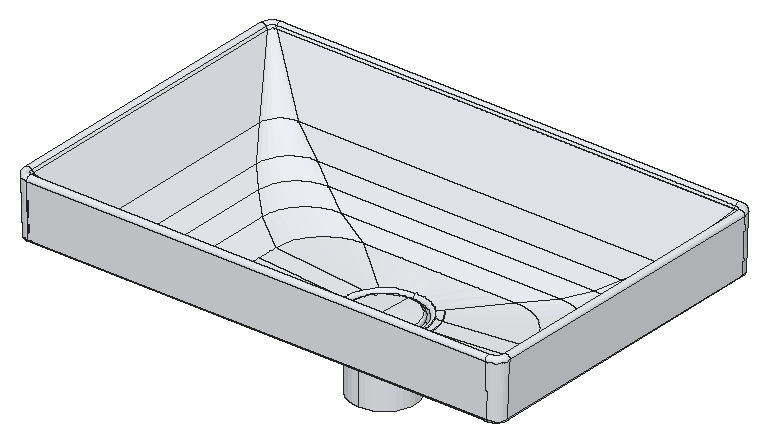
Revit family "URBANE II INSET BASIN NO TAP LANDING NOF", category Specialty Equipment, host Face, Revit 2019
Family settings
  Host = Face
  Round Connector Dimension = Use Radius
  Part Type = Normal
  OmniClass Number = 23.45.05.14.14
  OmniClass Title = Sinks/Lavatories
  Cut with Voids When Loaded = Yes
  Shared = No
  Room Calculation Point = No
Parameters (values of type "URBANE II INSET BASIN NO TAP LANDING NOF")
  URL = "https://www.caroma.com.au/"
  Model = "878200W"
  Material_Base = GWA-Porcelain-White
  Manufacturer = "GWA Bathrooms & Kitchens"  # constant formula
  Description = "URBANE II INSET BASIN NO TAP LANDING NOF"
  Default Elevation = 900 mm
  CreatedBy_ANZRS = "GWA Bathrooms & Kitchens"  # constant formula
  Assembly Code = "D2010400"
Reference planes
  plane 1 "Center (Front/Back)": y = 0
  plane 2: z = 0
  plane 3 "Center (Left/Right)": x = 0
Forms (mm)
  Sweep 1, solid, material "GWA-Porcelain-White" <- "Material_Base"
    path origin (0, 0, 0) x (1, 0, 0) y (0, 1, 0)
      loop
        arc (235.924, -164.865) -> (245.823, -160.765) -> (249.924, -150.865) r 14
        line (249.924, -150.865) -> (249.924, 150.867)
        arc (249.924, 150.867) -> (245.823, 160.766) -> (235.924, 164.867) r 14
        line (235.924, 164.867) -> (-235.926, 164.867)
        arc (-235.926, 164.867) -> (-245.825, 160.766) -> (-249.926, 150.867) r 14
        line (-249.926, 150.867) -> (-249.926, -150.865)
        arc (-249.926, -150.865) -> (-245.825, -160.765) -> (-235.926, -164.865) r 14
        line (-235.926, -164.865) -> (235.924, -164.865)
    profile origin (-0.001, -164.865, 0) x (0, -1, 0) y (0, 0, 1)
      loop
        arc (0.058, 55.882) -> (-2.857, 59.905) -> (-7.476, 58.077) r 4.05
        line (-7.476, 58.077) -> (-8.773, 55.882) -> (-4.944, 55.882) -> (-6.703, 3) -> (-10.865, 3) -> (-10.708, 0) -> (-2.768, 0)
        arc (-2.768, 0) -> (-2.072, 0.281) -> (-1.768, 0.967) r 1
        line (-1.768, 0.967) -> (0.058, 55.882)
  Extrusion 2, void
    sketch origin (0, 0, 0) x (1, 0, 0) y (0, 1, 0)
      loop
        line (225, 145) -> (-225, 145) -> (-225, -145) -> (225, -145) -> (225, 145)
    from 0 to -150
  Revolve 3, solid, material "GWA-Porcelain-White" <- "Material_Base"
    sketch origin (0, 0, 0) x (0, 1, 0) y (0, 0, 1)
      loop
        line (37.793, -58.515) -> (37, -72) -> (22, -87) -> (22, -127) -> (32.5, -127) -> (32.5, -91.349) -> (47.247, -76.602) -> (48.533, -54.75) -> (41.786, -54.75)
        arc (41.786, -54.75) -> (39.042, -55.84) -> (37.793, -58.515) r 4
      axis (0, -54.75) -> (0, -127)
    angle from 0 to 360
  Revolve 4, solid, material "GWA-Porcelain-White" <- "Material_Base"
    sketch origin (0, 0, 0) x (0, 1, 0) y (0, 0, 1)
      loop
        arc (31.747, -54.685) -> (15.896, -53.421) -> (0, -53) r 300
        line (0, -53) -> (0, -59.5) -> (20, -59.5) -> (21, -63) -> (28, -63) -> (28.079, -61.5) -> (32.581, -59.21)
        arc (32.581, -59.21) -> (33.854, -56.636) -> (31.747, -54.685) r 2.4
      axis (0, -53) -> (0, -63)
    angle from 0 to 360
  Blend 5, solid, material "GWA-Porcelain-White" <- "Material_Base"
    base sketch origin (0, 1000, 0) x (1, 0, 0) y (0, 1, 0)
      loop
        line (171.042, -878.014) -> (-171.042, -878.014)
        arc (-171.042, -878.014) -> (-195.791, -888.265) -> (-206.042, -913.014) r 35
        line (-206.042, -913.014) -> (-206.042, -1000) -> (-191.733, -1000) -> (-191.733, -925.779)
        arc (-191.733, -925.779) -> (-181.481, -901.03) -> (-156.733, -890.779) r 35
        line (-156.733, -890.779) -> (156.733, -890.779)
        arc (156.733, -890.779) -> (181.481, -901.03) -> (191.733, -925.779) r 35
        line (191.733, -925.779) -> (191.733, -1000) -> (206.042, -1000) -> (206.042, -913.014)
        arc (206.042, -913.014) -> (195.791, -888.265) -> (171.042, -878.014) r 35
    top sketch origin (0, 1000, 0) x (1, 0, 0) y (0, 1, 0)
      loop
        line (194.713, -866.211) -> (-194.713, -866.211)
        arc (-194.713, -866.211) -> (-214.158, -874.266) -> (-222.213, -893.711) r 27.5
        line (-222.213, -893.711) -> (-222.213, -1000) -> (-209.227, -1000) -> (-209.227, -900.08)
        arc (-209.227, -900.08) -> (-202.637, -884.17) -> (-186.727, -877.58) r 22.5
        line (-186.727, -877.58) -> (186.727, -877.58)
        arc (186.727, -877.58) -> (202.637, -884.17) -> (209.227, -900.08) r 22.5
        line (209.227, -900.08) -> (209.227, -1000) -> (222.213, -1000) -> (222.213, -893.711)
        arc (222.213, -893.711) -> (214.158, -874.266) -> (194.713, -866.211) r 27.5
    from -17 to 3
  Blend 6, solid, material "GWA-Porcelain-White" <- "Material_Base"
    base sketch origin (0, 2000, 0) x (1, 0, 0) y (0, 1, 0)
      loop
        line (153.737, -1886.893) -> (-153.737, -1886.893)
        arc (-153.737, -1886.893) -> (-182.021, -1898.609) -> (-193.737, -1926.893) r 40
        line (-193.737, -1926.893) -> (-193.737, -2000) -> (-176.923, -2000) -> (-176.923, -1941.242)
        arc (-176.923, -1941.242) -> (-165.208, -1912.958) -> (-136.923, -1901.242) r 40
        line (-136.923, -1901.242) -> (136.923, -1901.242)
        arc (136.923, -1901.242) -> (165.208, -1912.958) -> (176.923, -1941.242) r 40
        line (176.923, -1941.242) -> (176.923, -2000) -> (193.737, -2000) -> (193.737, -1926.893)
        arc (193.737, -1926.893) -> (182.021, -1898.609) -> (153.737, -1886.893) r 40
    top sketch origin (0, 2000, 0) x (1, 0, 0) y (0, 1, 0)
      loop
        line (171.042, -1878.014) -> (-171.042, -1878.014)
        arc (-171.042, -1878.014) -> (-195.791, -1888.265) -> (-206.042, -1913.014) r 35
        line (-206.042, -1913.014) -> (-206.042, -2000) -> (-191.733, -2000) -> (-191.733, -1925.779)
        arc (-191.733, -1925.779) -> (-181.481, -1901.03) -> (-156.733, -1890.779) r 35
        line (-156.733, -1890.779) -> (156.733, -1890.779)
        arc (156.733, -1890.779) -> (181.481, -1901.03) -> (191.733, -1925.779) r 35
        line (191.733, -1925.779) -> (191.733, -2000) -> (206.042, -2000) -> (206.042, -1913.014)
        arc (206.042, -1913.014) -> (195.791, -1888.265) -> (171.042, -1878.014) r 35
    from -29 to -17
  Blend 7, solid, material "GWA-Porcelain-White" <- "Material_Base"
    base sketch origin (0, 3000, 0) x (1, 0, 0) y (0, 1, 0)
      loop
        line (135.569, -2897.216) -> (-135.569, -2897.216)
        arc (-135.569, -2897.216) -> (-167.389, -2910.397) -> (-180.569, -2942.216) r 45
        line (-180.569, -2942.216) -> (-180.569, -3000) -> (-158.132, -3000) -> (-158.132, -2959.846)
        arc (-158.132, -2959.846) -> (-144.952, -2928.026) -> (-113.132, -2914.846) r 45
        line (-113.132, -2914.846) -> (113.132, -2914.846)
        arc (113.132, -2914.846) -> (144.952, -2928.026) -> (158.132, -2959.846) r 45
        line (158.132, -2959.846) -> (158.132, -3000) -> (180.569, -3000) -> (180.569, -2942.216)
        arc (180.569, -2942.216) -> (167.389, -2910.397) -> (135.569, -2897.216) r 45
    top sketch origin (0, 3000, 0) x (1, 0, 0) y (0, 1, 0)
      loop
        line (153.737, -2886.893) -> (-153.737, -2886.893)
        arc (-153.737, -2886.893) -> (-182.021, -2898.609) -> (-193.737, -2926.893) r 40
        line (-193.737, -2926.893) -> (-193.737, -3000) -> (-176.923, -3000) -> (-176.923, -2941.242)
        arc (-176.923, -2941.242) -> (-165.208, -2912.958) -> (-136.923, -2901.242) r 40
        line (-136.923, -2901.242) -> (136.923, -2901.242)
        arc (136.923, -2901.242) -> (165.208, -2912.958) -> (176.923, -2941.242) r 40
        line (176.923, -2941.242) -> (176.923, -3000) -> (193.737, -3000) -> (193.737, -2926.893)
        arc (193.737, -2926.893) -> (182.021, -2898.609) -> (153.737, -2886.893) r 40
    from -39 to -29
  Blend 8, solid, material "GWA-Porcelain-White" <- "Material_Base"
    base sketch origin (0, 4000, 0) x (1, 0, 0) y (0, 1, 0)
      loop
        line (110.867, -3908.107) -> (-110.867, -3908.107)
        arc (-110.867, -3908.107) -> (-146.222, -3922.751) -> (-160.867, -3958.107) r 50
        line (-160.867, -3958.107) -> (-160.867, -4000) -> (-128.838, -4000) -> (-128.838, -3978.817)
        arc (-128.838, -3978.817) -> (-114.193, -3943.461) -> (-78.838, -3928.817) r 50
        line (-78.838, -3928.817) -> (78.838, -3928.817)
        arc (78.838, -3928.817) -> (114.193, -3943.461) -> (128.838, -3978.817) r 50
        line (128.838, -3978.817) -> (128.838, -4000) -> (160.867, -4000) -> (160.867, -3958.107)
        arc (160.867, -3958.107) -> (146.222, -3922.751) -> (110.867, -3908.107) r 50
    top sketch origin (0, 4000, 0) x (1, 0, 0) y (0, 1, 0)
      loop
        line (135.569, -3897.216) -> (-135.569, -3897.216)
        arc (-135.569, -3897.216) -> (-167.389, -3910.397) -> (-180.569, -3942.216) r 45
        line (-180.569, -3942.216) -> (-180.569, -4000) -> (-158.132, -4000) -> (-158.132, -3959.846)
        arc (-158.132, -3959.846) -> (-144.952, -3928.026) -> (-113.132, -3914.846) r 45
        line (-113.132, -3914.846) -> (113.132, -3914.846)
        arc (113.132, -3914.846) -> (144.952, -3928.026) -> (158.132, -3959.846) r 45
        line (158.132, -3959.846) -> (158.132, -4000) -> (180.569, -4000) -> (180.569, -3942.216)
        arc (180.569, -3942.216) -> (167.389, -3910.397) -> (135.569, -3897.216) r 45
    from -48.992 to -39
  Blend 9, solid, material "GWA-Porcelain-White" <- "Material_Base"
    base sketch origin (0, 0, 0) x (1, 0, 0) y (0, 1, 0)
      loop
        arc (-209.227, 99.92) -> (-202.637, 115.83) -> (-186.727, 122.42) r 22.5
        line (-186.727, 122.42) -> (186.727, 122.42)
        arc (186.727, 122.42) -> (202.637, 115.83) -> (209.227, 99.92) r 22.5
        line (209.227, 99.92) -> (209.227, 0) -> (222.213, 0) -> (222.213, 106.289)
        arc (222.213, 106.289) -> (214.158, 125.734) -> (194.713, 133.789) r 27.5
        line (194.713, 133.789) -> (-194.713, 133.789)
        arc (-194.713, 133.789) -> (-214.158, 125.734) -> (-222.213, 106.289) r 27.5
        line (-222.213, 106.289) -> (-222.213, 0) -> (-209.227, 0) -> (-209.227, 99.92)
    top sketch origin (0, 0, 0) x (1, 0, 0) y (0, 1, 0)
      loop
        line (-244.982, 150.867) -> (-244.982, 0) -> (-241.153, 0) -> (-241.153, 150.867)
        arc (-241.153, 150.867) -> (-239.622, 154.563) -> (-235.926, 156.094) r 5.227
        line (-235.926, 156.094) -> (235.924, 156.094)
        arc (235.924, 156.094) -> (239.62, 154.563) -> (241.151, 150.867) r 5.227
        line (241.151, 150.867) -> (241.151, 0) -> (244.98, 0) -> (244.98, 150.867)
        arc (244.98, 150.867) -> (242.327, 157.27) -> (235.924, 159.922) r 9.056
        line (235.924, 159.922) -> (-235.926, 159.922)
        arc (-235.926, 159.922) -> (-242.329, 157.27) -> (-244.982, 150.867) r 9.056
    from 3 to 55.882
  Blend 10, solid, material "GWA-Porcelain-White" <- "Material_Base"
    base sketch origin (0, 0, 0) x (1, 0, 0) y (0, 1, 0)
      loop
        line (41.5, 0) -> (48.5, 0)
        arc (48.5, 0) -> (47.267, 10.868) -> (43.629, 21.183) r 48.5
        arc (43.629, 21.183) -> (39.51, 28.129) -> (34.295, 34.295) r 48.5
        arc (34.295, 34.295) -> (0, 48.5) -> (-34.295, 34.295) r 48.5
        arc (-34.295, 34.295) -> (-39.51, 28.129) -> (-43.629, 21.183) r 48.5
        arc (-43.629, 21.183) -> (-47.267, 10.868) -> (-48.5, 0) r 48.5
        line (-48.5, 0) -> (-41.5, 0)
        arc (-41.5, 0) -> (-40.445, 9.299) -> (-37.332, 18.126) r 41.5
        arc (-37.332, 18.126) -> (-33.807, 24.069) -> (-29.345, 29.345) r 41.5
        arc (-29.345, 29.345) -> (0, 41.5) -> (29.345, 29.345) r 41.5
        arc (29.345, 29.345) -> (33.807, 24.069) -> (37.332, 18.126) r 41.5
        arc (37.332, 18.126) -> (40.445, 9.299) -> (41.5, 0) r 41.5
    top sketch origin (0, 0, 0) x (1, 0, 0) y (0, 1, 0)
      loop
        line (128.838, 21.183) -> (128.838, 0) -> (160.867, 0) -> (160.867, 41.893)
        arc (160.867, 41.893) -> (146.222, 77.249) -> (110.867, 91.893) r 50
        line (110.867, 91.893) -> (-110.867, 91.893)
        arc (-110.867, 91.893) -> (-146.222, 77.249) -> (-160.867, 41.893) r 50
        line (-160.867, 41.893) -> (-160.867, 0) -> (-128.838, 0) -> (-128.838, 21.183)
        arc (-128.838, 21.183) -> (-114.193, 56.539) -> (-78.838, 71.183) r 50
        line (-78.838, 71.183) -> (78.838, 71.183)
        arc (78.838, 71.183) -> (114.193, 56.539) -> (128.838, 21.183) r 50
    from -54.75 to -48.992
  Blend 11, solid, material "GWA-Porcelain-White" <- "Material_Base"
    base sketch origin (0, -2000, 0) x (1, 0, 0) y (0, 1, 0)
      loop
        arc (153.737, 1886.893) -> (182.021, 1898.609) -> (193.737, 1926.893) r 40
        line (193.737, 1926.893) -> (193.737, 2000) -> (176.923, 2000) -> (176.923, 1941.242)
        arc (176.923, 1941.242) -> (165.208, 1912.958) -> (136.923, 1901.242) r 40
        line (136.923, 1901.242) -> (-136.923, 1901.242)
        arc (-136.923, 1901.242) -> (-165.208, 1912.958) -> (-176.923, 1941.242) r 40
        line (-176.923, 1941.242) -> (-176.923, 2000) -> (-193.737, 2000) -> (-193.737, 1926.893)
        arc (-193.737, 1926.893) -> (-182.021, 1898.609) -> (-153.737, 1886.893) r 40
        line (-153.737, 1886.893) -> (153.737, 1886.893)
    top sketch origin (0, -2000, 0) x (1, 0, 0) y (0, 1, 0)
      loop
        arc (171.042, 1878.014) -> (195.791, 1888.265) -> (206.042, 1913.014) r 35
        line (206.042, 1913.014) -> (206.042, 2000) -> (191.733, 2000) -> (191.733, 1925.779)
        arc (191.733, 1925.779) -> (181.481, 1901.03) -> (156.733, 1890.779) r 35
        line (156.733, 1890.779) -> (-156.733, 1890.779)
        arc (-156.733, 1890.779) -> (-181.481, 1901.03) -> (-191.733, 1925.779) r 35
        line (-191.733, 1925.779) -> (-191.733, 2000) -> (-206.042, 2000) -> (-206.042, 1913.014)
        arc (-206.042, 1913.014) -> (-195.791, 1888.265) -> (-171.042, 1878.014) r 35
        line (-171.042, 1878.014) -> (171.042, 1878.014)
    from -29 to -17
  Blend 12, solid, material "GWA-Porcelain-White" <- "Material_Base"
    base sketch origin (0, -4000, 0) x (1, 0, 0) y (0, 1, 0)
      loop
        arc (110.867, 3908.107) -> (146.222, 3922.751) -> (160.867, 3958.107) r 50
        line (160.867, 3958.107) -> (160.867, 4000) -> (128.838, 4000) -> (128.838, 3978.817)
        arc (128.838, 3978.817) -> (114.193, 3943.461) -> (78.838, 3928.817) r 50
        line (78.838, 3928.817) -> (-78.838, 3928.817)
        arc (-78.838, 3928.817) -> (-114.193, 3943.461) -> (-128.838, 3978.817) r 50
        line (-128.838, 3978.817) -> (-128.838, 4000) -> (-160.867, 4000) -> (-160.867, 3958.107)
        arc (-160.867, 3958.107) -> (-146.222, 3922.751) -> (-110.867, 3908.107) r 50
        line (-110.867, 3908.107) -> (110.867, 3908.107)
    top sketch origin (0, -4000, 0) x (1, 0, 0) y (0, 1, 0)
      loop
        arc (135.569, 3897.216) -> (167.389, 3910.397) -> (180.569, 3942.216) r 45
        line (180.569, 3942.216) -> (180.569, 4000) -> (158.132, 4000) -> (158.132, 3959.846)
        arc (158.132, 3959.846) -> (144.952, 3928.026) -> (113.132, 3914.846) r 45
        line (113.132, 3914.846) -> (-113.132, 3914.846)
        arc (-113.132, 3914.846) -> (-144.952, 3928.026) -> (-158.132, 3959.846) r 45
        line (-158.132, 3959.846) -> (-158.132, 4000) -> (-180.569, 4000) -> (-180.569, 3942.216)
        arc (-180.569, 3942.216) -> (-167.389, 3910.397) -> (-135.569, 3897.216) r 45
        line (-135.569, 3897.216) -> (135.569, 3897.216)
    from -48.992 to -39
  Blend 13, solid, material "GWA-Porcelain-White" <- "Material_Base"
    base sketch origin (0, 0, 0) x (1, 0, 0) y (0, 1, 0)
      loop
        line (-209.227, -99.92) -> (-209.227, 0) -> (-222.213, 0) -> (-222.213, -106.289)
        arc (-222.213, -106.289) -> (-214.158, -125.734) -> (-194.713, -133.789) r 27.5
        line (-194.713, -133.789) -> (194.713, -133.789)
        arc (194.713, -133.789) -> (214.158, -125.734) -> (222.213, -106.289) r 27.5
        line (222.213, -106.289) -> (222.213, 0) -> (209.227, 0) -> (209.227, -99.92)
        arc (209.227, -99.92) -> (202.637, -115.83) -> (186.727, -122.42) r 22.5
        line (186.727, -122.42) -> (-186.727, -122.42)
        arc (-186.727, -122.42) -> (-202.637, -115.83) -> (-209.227, -99.92) r 22.5
    top sketch origin (0, 0, 0) x (1, 0, 0) y (0, 1, 0)
      loop
        arc (-244.982, -150.867) -> (-242.329, -157.27) -> (-235.926, -159.922) r 9.056
        line (-235.926, -159.922) -> (235.924, -159.922)
        arc (235.924, -159.922) -> (242.327, -157.27) -> (244.98, -150.867) r 9.056
        line (244.98, -150.867) -> (244.98, 0) -> (241.151, 0) -> (241.151, -150.867)
        arc (241.151, -150.867) -> (239.62, -154.563) -> (235.924, -156.094) r 5.227
        line (235.924, -156.094) -> (-235.926, -156.094)
        arc (-235.926, -156.094) -> (-239.622, -154.563) -> (-241.153, -150.867) r 5.227
        line (-241.153, -150.867) -> (-241.153, 0) -> (-244.982, 0) -> (-244.982, -150.867)
    from 3 to 55.882
  Blend 14, solid, material "GWA-Porcelain-White" <- "Material_Base"
    base sketch origin (0, 0, 0) x (1, 0, 0) y (0, 1, 0)
      loop
        arc (41.5, 0) -> (40.445, -9.299) -> (37.332, -18.126) r 41.5
        arc (37.332, -18.126) -> (33.807, -24.069) -> (29.345, -29.345) r 41.5
        arc (29.345, -29.345) -> (0, -41.5) -> (-29.345, -29.345) r 41.5
        arc (-29.345, -29.345) -> (-33.807, -24.069) -> (-37.332, -18.126) r 41.5
        arc (-37.332, -18.126) -> (-40.445, -9.299) -> (-41.5, 0) r 41.5
        line (-41.5, 0) -> (-48.5, 0)
        arc (-48.5, 0) -> (-47.267, -10.868) -> (-43.629, -21.183) r 48.5
        arc (-43.629, -21.183) -> (-39.51, -28.129) -> (-34.295, -34.295) r 48.5
        arc (-34.295, -34.295) -> (0, -48.5) -> (34.295, -34.295) r 48.5
        arc (34.295, -34.295) -> (39.51, -28.129) -> (43.629, -21.183) r 48.5
        arc (43.629, -21.183) -> (47.267, -10.868) -> (48.5, 0) r 48.5
        line (48.5, 0) -> (41.5, 0)
    top sketch origin (0, 0, 0) x (1, 0, 0) y (0, 1, 0)
      loop
        arc (128.838, -21.183) -> (114.193, -56.539) -> (78.838, -71.183) r 50
        line (78.838, -71.183) -> (-78.838, -71.183)
        arc (-78.838, -71.183) -> (-114.193, -56.539) -> (-128.838, -21.183) r 50
        line (-128.838, -21.183) -> (-128.838, 0) -> (-160.867, 0) -> (-160.867, -41.893)
        arc (-160.867, -41.893) -> (-146.222, -77.249) -> (-110.867, -91.893) r 50
        line (-110.867, -91.893) -> (110.867, -91.893)
        arc (110.867, -91.893) -> (146.222, -77.249) -> (160.867, -41.893) r 50
        line (160.867, -41.893) -> (160.867, 0) -> (128.838, 0) -> (128.838, -21.183)
    from -54.75 to -48.992
  Blend 15, solid, material "GWA-Porcelain-White" <- "Material_Base"
    base sketch origin (0, -1000, 0) x (1, 0, 0) y (0, 1, 0)
      loop
        arc (171.042, 878.014) -> (195.791, 888.265) -> (206.042, 913.014) r 35
        line (206.042, 913.014) -> (206.042, 1000) -> (191.733, 1000) -> (191.733, 925.779)
        arc (191.733, 925.779) -> (181.481, 901.03) -> (156.733, 890.779) r 35
        line (156.733, 890.779) -> (-156.733, 890.779)
        arc (-156.733, 890.779) -> (-181.481, 901.03) -> (-191.733, 925.779) r 35
        line (-191.733, 925.779) -> (-191.733, 1000) -> (-206.042, 1000) -> (-206.042, 913.014)
        arc (-206.042, 913.014) -> (-195.791, 888.265) -> (-171.042, 878.014) r 35
        line (-171.042, 878.014) -> (171.042, 878.014)
    top sketch origin (0, -1000, 0) x (1, 0, 0) y (0, 1, 0)
      loop
        arc (194.713, 866.211) -> (214.158, 874.266) -> (222.213, 893.711) r 27.5
        line (222.213, 893.711) -> (222.213, 1000) -> (209.227, 1000) -> (209.227, 900.08)
        arc (209.227, 900.08) -> (202.637, 884.17) -> (186.727, 877.58) r 22.5
        line (186.727, 877.58) -> (-186.727, 877.58)
        arc (-186.727, 877.58) -> (-202.637, 884.17) -> (-209.227, 900.08) r 22.5
        line (-209.227, 900.08) -> (-209.227, 1000) -> (-222.213, 1000) -> (-222.213, 893.711)
        arc (-222.213, 893.711) -> (-214.158, 874.266) -> (-194.713, 866.211) r 27.5
        line (-194.713, 866.211) -> (194.713, 866.211)
    from -17 to 3
  Blend 16, solid, material "GWA-Porcelain-White" <- "Material_Base"
    base sketch origin (0, -3000, 0) x (1, 0, 0) y (0, 1, 0)
      loop
        arc (135.569, 2897.216) -> (167.389, 2910.397) -> (180.569, 2942.216) r 45
        line (180.569, 2942.216) -> (180.569, 3000) -> (158.132, 3000) -> (158.132, 2959.846)
        arc (158.132, 2959.846) -> (144.952, 2928.026) -> (113.132, 2914.846) r 45
        line (113.132, 2914.846) -> (-113.132, 2914.846)
        arc (-113.132, 2914.846) -> (-144.952, 2928.026) -> (-158.132, 2959.846) r 45
        line (-158.132, 2959.846) -> (-158.132, 3000) -> (-180.569, 3000) -> (-180.569, 2942.216)
        arc (-180.569, 2942.216) -> (-167.389, 2910.397) -> (-135.569, 2897.216) r 45
        line (-135.569, 2897.216) -> (135.569, 2897.216)
    top sketch origin (0, -3000, 0) x (1, 0, 0) y (0, 1, 0)
      loop
        arc (153.737, 2886.893) -> (182.021, 2898.609) -> (193.737, 2926.893) r 40
        line (193.737, 2926.893) -> (193.737, 3000) -> (176.923, 3000) -> (176.923, 2941.242)
        arc (176.923, 2941.242) -> (165.208, 2912.958) -> (136.923, 2901.242) r 40
        line (136.923, 2901.242) -> (-136.923, 2901.242)
        arc (-136.923, 2901.242) -> (-165.208, 2912.958) -> (-176.923, 2941.242) r 40
        line (-176.923, 2941.242) -> (-176.923, 3000) -> (-193.737, 3000) -> (-193.737, 2926.893)
        arc (-193.737, 2926.893) -> (-182.021, 2898.609) -> (-153.737, 2886.893) r 40
        line (-153.737, 2886.893) -> (153.737, 2886.893)
    from -39 to -29
Cuts and joins
  joined: Blend 5, Blend 6, Blend 7, Blend 8, Blend 9, Blend 10, Blend 11, Blend 12, Blend 13, Blend 14, Blend 15, Blend 16
Lines and regions (mm)
  Masking region 1
    outline origin (0, -1000, 0) x (1, 0, 0) y (0, 1, 0)
      loop
        arc (-235.926, 1164.867) -> (-245.825, 1160.766) -> (-249.926, 1150.867) r 14
        line (-249.926, 1150.867) -> (-249.926, 849.135)
        arc (-249.926, 849.135) -> (-245.825, 839.235) -> (-235.926, 835.135) r 14
        line (-235.926, 835.135) -> (235.926, 835.135)
        arc (235.926, 835.135) -> (245.825, 839.235) -> (249.926, 849.135) r 14
        line (249.926, 849.135) -> (249.926, 1150.867)
        arc (249.926, 1150.867) -> (245.825, 1160.766) -> (235.926, 1164.867) r 14
        line (235.926, 1164.867) -> (-235.926, 1164.867)
  Masking region 2
    outline origin (0, 0, 0) x (0, 1, 0) y (0, 0, 1)
      loop
        arc (-160.876, 60.067) -> (-163.787, 58.833) -> (-164.924, 55.882) r 4.05
        line (-164.924, 55.882) -> (-163.097, 0.967)
        arc (-163.097, 0.967) -> (-162.793, 0.281) -> (-162.098, 0) r 1
        line (-162.098, 0) -> (162.098, 0)
        arc (162.098, 0) -> (162.793, 0.281) -> (163.097, 0.967) r 1
        line (163.097, 0.967) -> (164.924, 55.882)
        arc (164.924, 55.882) -> (163.787, 58.833) -> (160.876, 60.067) r 4.05
        line (160.876, 60.067) -> (-160.876, 60.067)
  Masking region 3
    outline origin (0, 0, -153) x (1, 0, 0) y (0, 0, 1)
      loop
        arc (247.098, 153) -> (247.793, 153.281) -> (248.097, 153.967) r 1
        line (248.097, 153.967) -> (249.924, 208.882)
        arc (249.924, 208.882) -> (248.787, 211.833) -> (245.876, 213.067) r 4.05
        line (245.876, 213.067) -> (-245.876, 213.067)
        arc (-245.876, 213.067) -> (-248.787, 211.833) -> (-249.924, 208.882) r 4.05
        line (-249.924, 208.882) -> (-248.097, 153.967)
        arc (-248.097, 153.967) -> (-247.793, 153.281) -> (-247.098, 153) r 1
        line (-247.098, 153) -> (247.098, 153)
  symbolic lines
    curve 1: line (235.926, -164.865, 0) -> (-235.926, -164.865, 0)
    curve 2: arc (-235.926, -164.865, 0) -> (-245.825, -160.765, 0) -> (-249.926, -150.865, 0) r 14
    curve 3: line (-249.926, -150.865, 0) -> (-249.926, 150.867, 0)
    curve 4: arc (-249.926, 150.867, 0) -> (-245.825, 160.766, 0) -> (-235.926, 164.867, 0) r 14
    curve 5: line (-235.926, 164.867, 0) -> (235.926, 164.867, 0)
    curve 6: line (235.926, -156.865, 0) -> (-235.926, -156.865, 0)
    curve 7: arc (-235.926, -156.865, 0) -> (-240.169, -155.108, 0) -> (-241.926, -150.865, 0) r 6
    curve 8: line (-241.926, -150.865, 0) -> (-241.926, 150.867, 0)
    curve 9: arc (-241.926, 150.867, 0) -> (-240.169, 155.109, 0) -> (-235.926, 156.867, 0) r 6
    curve 10: line (-235.926, 156.867, 0) -> (235.926, 156.867, 0)
    curve 11: arc (235.926, -164.865, 0) -> (245.825, -160.765, 0) -> (249.926, -150.865, 0) r 14
    curve 12: line (249.926, -150.865, 0) -> (249.926, 150.867, 0)
    curve 13: arc (249.926, 150.867, 0) -> (245.825, 160.766, 0) -> (235.926, 164.867, 0) r 14
    curve 14: arc (235.926, -156.865, 0) -> (240.169, -155.108, 0) -> (241.926, -150.865, 0) r 6
    curve 15: line (241.926, -150.865, 0) -> (241.926, 150.867, 0)
    curve 16: arc (241.926, 150.867, 0) -> (240.169, 155.109, 0) -> (235.926, 156.867, 0) r 6
    curve 17: circle (0, 0, 0) r 34 normal (0, 0, 1)
    curve 18: line (0, -160.876, 60.067) -> (0, 160.876, 60.067)
    curve 19: arc (0, 160.876, 60.067) -> (0, 163.787, 58.833) -> (0, 164.924, 55.882) r 4.05
    curve 20: line (0, 164.924, 55.882) -> (0, 163.097, 0.967)
    curve 21: arc (0, 163.097, 0.967) -> (0, 162.793, 0.281) -> (0, 162.098, 0) r 1
    curve 22: line (0, 162.098, 0) -> (0, -162.098, 0)
    curve 23: arc (0, -162.098, 0) -> (0, -162.793, 0.281) -> (0, -163.097, 0.967) r 1
    curve 24: line (0, -163.097, 0.967) -> (0, -164.924, 55.882)
    curve 25: arc (0, -164.924, 55.882) -> (0, -163.787, 58.833) -> (0, -160.876, 60.067) r 4.05
    curve 26: line (-245.876, 0, 60.067) -> (245.876, 0, 60.067)
    curve 27: arc (245.876, 0, 60.067) -> (248.787, 0, 58.833) -> (249.924, 0, 55.882) r 4.05
    curve 28: line (249.924, 0, 55.882) -> (248.097, 0, 0.967)
    curve 29: arc (248.097, 0, 0.967) -> (247.793, 0, 0.281) -> (247.098, 0, 0) r 1
    curve 30: line (247.098, 0, 0) -> (-247.098, 0, 0)
    curve 31: arc (-247.098, 0, 0) -> (-247.793, 0, 0.281) -> (-248.097, 0, 0.967) r 1
    curve 32: line (-248.097, 0, 0.967) -> (-249.924, 0, 55.882)
    curve 33: arc (-249.924, 0, 55.882) -> (-248.787, 0, 58.833) -> (-245.876, 0, 60.067) r 4.05
Dimensions and locks
  aligned and locked: plane 2 to host face
  aligned and locked: level to host face
Connectors
  piping at (0, 0, -127), diameter 60
    settings: on Revolve 3, index 1, connector inside diameter 609.6 mm, connector length 0 mm, flow factor 0, pipe flow 0.0 L/s, pressure drop 0.0 Pa, fitting loss kfactor 0, connector angle 0.00°, fixture units 0, engagement length 0 mm, angle of deflection 0.00°, flow configuration 3, flow direction 2, fitting loss method 0, system type 16, joint type 0, gender type 0, connector reference index -1, connector utility 0, adjustable connector no, is connector primary yes, connector description ""
